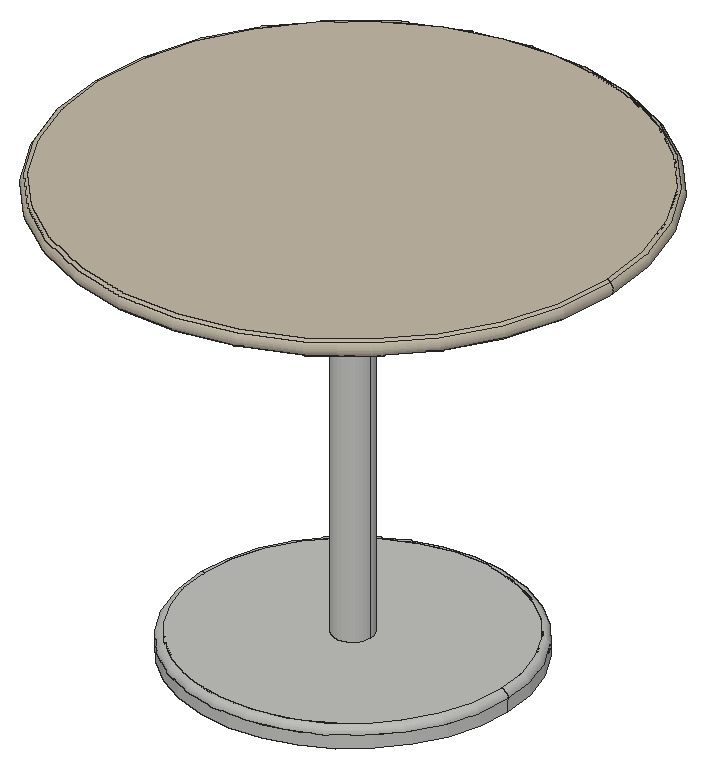
Revit family "revitupgrade", category Furniture, Revit 2025
Family settings
  OmniClass Number = 23.40.70.14.64.11
  OmniClass Title = Office Furniture
  Work Plane-Based = No
  Enable Cutting in Views = No
  Always vertical = Yes
  Cut with Voids When Loaded = No
  Render Appearance Source = Family Geometry
  Shared = No
  Room Calculation Point = No
Parameters (values of type "Grey Frame")
  URL = "https://www.steelcase.com"
  Top Finish = m.a.d. - Natural Ash
  Style Number(s) = "MD4SOCIALRCT"  # constant formula
  Release Date = "May 2024"  # constant formula
  Manufacturer = "M.A.D."  # constant formula
  Frame Finish = m.a..d - Dove Grey
  Description = "Round Café Table"  # constant formula
  Default Elevation = 0.00 mm
  Copyright = "© 2010 Steelcase Inc."  # constant formula
  Assembly Code = "E2020200"
Types (2, lengths in mm): name | URL | Frame Finish
  White Frame | "https://www.steelcase.com/asia-en/m-a-d/" | m.a.d_Metal_White
  Grey Frame | "https://www.steelcase.com" | m.a..d - Dove Grey
Reference planes
  plane 1 "Center Front/Back": y = 0
  plane 2 "Bottom": z = 0
  plane 3 "Center Left/Right": x = 0
  plane 4: z = 32.936
  plane 5: z = 719.606
  plane 6: z = 745.006
  plane 7: x = -460
  plane 8: x = 460
  plane 9: y = 457.26
  plane 10: y = -457.26
Forms (mm)
  Extrusion 1, solid, material "m.a.d. - Natural Ash" <- "Top Finish"
    sketch origin (0, 0, 0) x (1, 0, 0) y (0, 1, 0)
      loop
        circle (0, 0) r 438.079
    from 719.606 to 745.006
  Extrusion 2, solid, material "m.a..d - Dove Grey" <- "Frame Finish"
    sketch origin (0, 0, 0) x (1, 0, 0) y (0, 1, 0)
      loop
        circle (0, 0) r 32.059
    from 32.936 to 719.606
  Extrusion 3, solid, material "m.a..d - Dove Grey" <- "Frame Finish"
    sketch origin (0, 0, 0) x (1, 0, 0) y (0, 1, 0)
      loop
        circle (0, 0) r 253.206
    from 0 to 32.936
  Sweep 4, solid, material "m.a..d - Dove Grey" <- "Frame Finish"
    path in 3D
      loop
        arc (-253.206, 0, 32.936) -> (0, 253.206, 32.936) -> (253.206, 0, 32.936) r 253.206
        arc (253.206, 0, 32.936) -> (0, -253.206, 32.936) -> (-253.206, 0, 32.936) r 253.206
    profile origin (0, -253.206, 32.936) x (0, -1, 0) y (0, 0, 1)
      loop
        line (0, -32.936) -> (20.576, -32.936) -> (20.576, -12)
        arc (20.576, -12) -> (17.061, -3.515) -> (8.576, 0) r 12
        line (8.576, 0) -> (0, 0) -> (0, -32.936)
  Sweep 5, solid, material "m.a.d. - Natural Ash" <- "Top Finish"
    path origin (0, 0, 0) x (1, 0, 0) y (0, 1, 0)
      loop
        circle (0, 0) r 438.079
    profile origin (0, 438.079, 0) x (0, -1, 0) y (0, 0, 1)
      loop
        line (0, 745.006) -> (-9.723, 745.006)
        arc (-9.723, 745.006) -> (-13.284, 744.351) -> (-16.378, 742.47) r 10
        arc (-16.378, 742.47) -> (-20.933, 732.306) -> (-16.378, 722.142) r 13.617
        arc (-16.378, 722.142) -> (-13.284, 720.262) -> (-9.723, 719.606) r 10
        line (-9.723, 719.606) -> (0, 719.606) -> (0, 745.006)
Cuts and joins
  joined: Extrusion 3, Sweep 4
  joined: Extrusion 1, Sweep 5
Lines and regions (mm)
  Masking region 1
    outline origin (0, 0, 0) x (1, 0, 0) y (0, 1, 0)
      loop
        circle (0, 0) r 459.683
  sketch lines
    curve 1: arc (253.206, 0, 32.936) -> (0, -253.206, 32.936) -> (-253.206, 0, 32.936) r 253.206
    curve 2: arc (-253.206, 0, 32.936) -> (0, 253.206, 32.936) -> (253.206, 0, 32.936) r 253.206
Dimensions and locks
  aligned and locked: plane 2 "Bottom" to level
  aligned and locked: plane 5 to Extrusion 1
  aligned and locked: Extrusion 1 to plane 6
